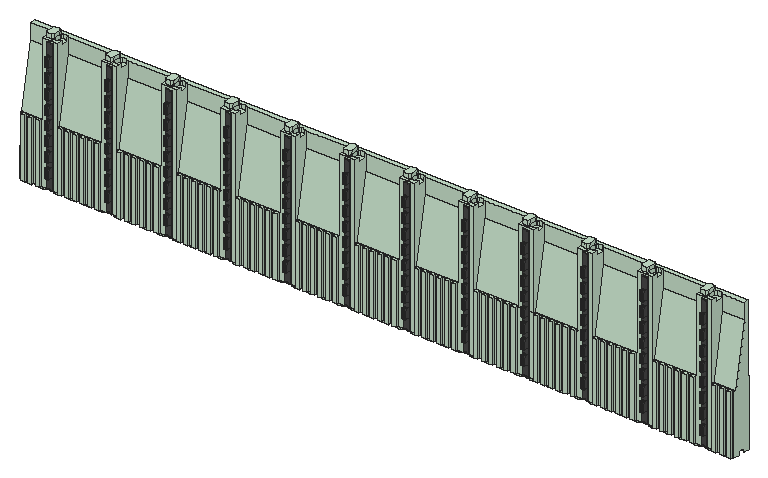
Revit family (continued)
Definition of nested family "NUDURA Logo Diamond"
  Lines and regions (mm)
    model lines
      curve 157: line (306.598, 0, 228.599) -> (296.768, 0, 230.786)
      curve 158: line (296.768, 0, 230.786) -> (296.768, 0, 215.343)
      curve 159: line (302.723, 0, 230.274) -> (312.702, 0, 228.039)
      curve 160: line (300.341, 0, 217.291) -> (300.341, 0, 223.486)
      curve 161: line (300.341, 0, 223.486) -> (306.598, 0, 222.094)
      curve 162: line (296.768, 0, 205.027) -> (296.768, 0, 197.49)
      curve 163: line (302.723, 0, 190.055) -> (310.162, 0, 188.389)
      curve 164: line (310.162, 0, 188.389) -> (310.162, 0, 176.633)
      curve 165: line (308.892, 0, 175.363) -> (307.868, 0, 175.363)
      curve 166: line (306.598, 0, 176.633) -> (306.598, 0, 180.004)
      curve 167: line (306.598, 0, 180.004) -> (307.868, 0, 179.719)
      curve 168: line (307.868, 0, 179.719) -> (307.868, 0, 186.3)
      curve 169: line (307.868, 0, 186.3) -> (296.768, 0, 188.785)
      curve 170: line (296.768, 0, 188.785) -> (296.768, 0, 182.205)
      curve 171: line (296.768, 0, 182.205) -> (304.058, 0, 180.572)
      curve 172: line (304.058, 0, 180.572) -> (304.058, 0, 177.654)
      curve 173: line (302.788, 0, 176.384) -> (296.768, 0, 176.384)
      curve 174: line (296.768, 0, 176.384) -> (296.768, 0, 164.003)
      curve 175: line (296.768, 0, 164.003) -> (299.284, 0, 162.219)
      curve 176: line (299.284, 0, 162.219) -> (299.284, 0, 153.715)
      curve 177: line (307.942, 0, 156.079) -> (301.824, 0, 160.418)
      curve 178: line (301.824, 0, 160.418) -> (301.824, 0, 154.409)
      curve 179: line (301.824, 0, 154.409) -> (307.942, 0, 156.079)
      curve 180: line (299.284, 0, 153.715) -> (296.768, 0, 153.028)
      curve 181: line (296.768, 0, 153.028) -> (296.768, 0, 146.14)
      curve 182: line (296.768, 0, 146.14) -> (312.702, 0, 150.491)
      curve 183: line (312.702, 0, 150.491) -> (312.702, 0, 159.713)
      curve 184: line (312.702, 0, 159.713) -> (298.767, 0, 169.594)
      curve 185: line (298.767, 0, 169.594) -> (302.342, 0, 169.594)
      curve 186: line (312.702, 0, 172.383) -> (312.702, 0, 193.945)
      curve 187: line (312.702, 0, 193.945) -> (302.326, 0, 196.268)
      curve 188: line (300.341, 0, 198.747) -> (300.341, 0, 201.381)
      curve 189: line (301.888, 0, 202.62) -> (312.702, 0, 200.199)
      curve 190: line (312.702, 0, 200.199) -> (312.702, 0, 206.628)
      curve 191: line (312.702, 0, 206.628) -> (306.843, 0, 207.728)
      curve 192: line (312.702, 0, 212.942) -> (312.702, 0, 227.241)
      curve 193: line (312.702, 0, 227.241) -> (309.138, 0, 228.034)
      curve 194: line (309.138, 0, 228.034) -> (309.138, 0, 217.291)
      curve 195: line (312.702, 0, 228.039) -> (312.702, 0, 234.164)
      curve 196: line (312.702, 0, 234.164) -> (302.326, 0, 236.488)
      curve 197: line (300.341, 0, 238.966) -> (300.341, 0, 241.6)
      curve 198: line (301.736, 0, 242.874) -> (312.702, 0, 240.418)
      curve 199: line (312.702, 0, 240.418) -> (312.702, 0, 253.611)
      curve 200: line (312.702, 0, 253.611) -> (302.429, 0, 255.912)
      curve 201: line (302.429, 0, 255.912) -> (312.702, 0, 259.27)
      curve 202: line (312.702, 0, 259.27) -> (312.702, 0, 269.344)
      curve 203: arc (296.768, 0, 245.246) -> (298.145, 0, 248.178) -> (301.281, 0, 248.991) r 3.81
      curve 204: arc (296.768, 0, 237.71) -> (298.44, 0, 232.946) -> (302.723, 0, 230.274) r 7.62
      curve 205: arc (300.842, 0, 208.826) -> (297.87, 0, 211.5) -> (296.768, 0, 215.343) r 7.251
      curve 206: arc (296.768, 0, 205.027) -> (297.979, 0, 207.812) -> (300.842, 0, 208.826) r 3.808
      curve 207: arc (296.768, 0, 197.49) -> (298.44, 0, 192.727) -> (302.723, 0, 190.055) r 7.62
      curve 208: arc (300.341, 0, 198.747) -> (300.898, 0, 197.159) -> (302.326, 0, 196.268) r 2.54
      curve 209: arc (300.341, 0, 201.381) -> (300.817, 0, 202.372) -> (301.888, 0, 202.62) r 1.27
      curve 210: arc (307.868, 0, 175.363) -> (306.969, 0, 175.735) -> (306.598, 0, 176.633) r 1.27
      curve 211: arc (308.892, 0, 175.363) -> (309.79, 0, 175.735) -> (310.162, 0, 176.633) r 1.27
      curve 212: arc (304.058, 0, 177.654) -> (303.686, 0, 176.756) -> (302.788, 0, 176.384) r 1.27
      curve 213: arc (302.342, 0, 169.594) -> (303.976, 0, 170.198) -> (304.826, 0, 171.718) r 2.516
      curve 214: arc (304.826, 0, 171.718) -> (309.07, 0, 168.432) -> (312.702, 0, 172.383) r 3.966
      curve 215: arc (306.843, 0, 207.728) -> (310.942, 0, 209.02) -> (312.702, 0, 212.942) r 5.249
      curve 216: arc (300.341, 0, 217.291) -> (304.739, 0, 212.893) -> (309.138, 0, 217.291) r 4.398
      curve 217: arc (300.341, 0, 238.966) -> (300.898, 0, 237.378) -> (302.326, 0, 236.488) r 2.54
      curve 218: arc (300.341, 0, 241.6) -> (300.886, 0, 242.648) -> (302.057, 0, 242.802) r 1.279
      curve 219: arc (285.685, 0, 308.065) -> (288.475, 0, 314.8) -> (295.21, 0, 317.59) r 9.525
      curve 220: arc (314.26, 0, 317.59) -> (320.995, 0, 314.8) -> (323.785, 0, 308.065) r 9.525
      curve 221: arc (285.685, 0, 149.315) -> (288.475, 0, 142.58) -> (295.21, 0, 139.79) r 9.525
      curve 222: arc (314.26, 0, 139.79) -> (320.995, 0, 142.58) -> (323.785, 0, 149.315) r 9.525
      curve 223: line (253.935, 0, 457.2) -> (253.935, 0, 0)
      curve 224: line (355.535, 0, 457.2) -> (355.535, 0, 0)
      curve 225: line (406.335, 0, 457.2) -> (406.335, 0, 0)
